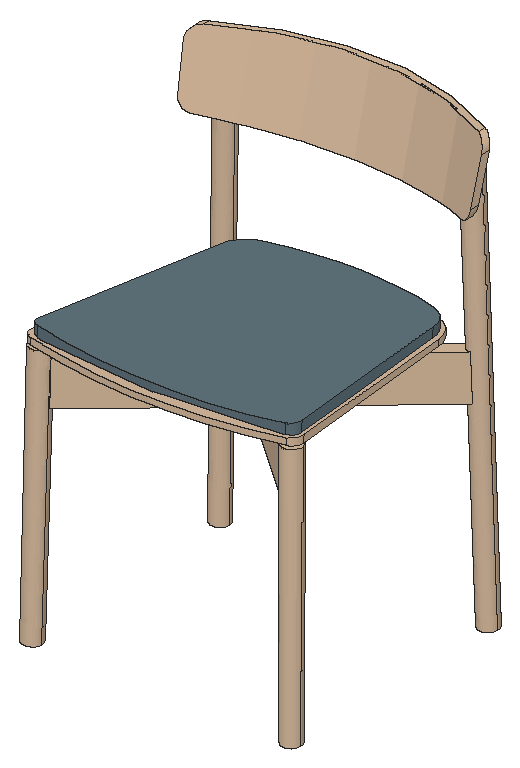
Revit family "Seating-Teknion-CQSXU_Routes_Cross_Upholstered_Chair-R2018", category Furniture, Revit 2018
Family settings
  OmniClass Number = 23.40.20.00
  OmniClass Title = General Furniture and Specialties
  Work Plane-Based = No
  Always vertical = Yes
  Cut with Voids When Loaded = No
  Shared = Yes
  Room Calculation Point = No
Parameters (values of type "Seat Only Upholstery, Light Oak Wood")
  Wood Finish = Wood - Teknion - CW - Light Oak
  Warranty = "http://www.teknion.com/ca/papers/legal-canada"
  Unit Weight URL = "http://www.teknion.com/ca/tools/assets#&asset=bee6a381-b954-425e-8283-5a2de3a804f2,f828d448-4b62-4231-9e5f-9a8991c0ed77"
  URL = "www.teknion.com"
  To render please download texture images found here [instance] = "https://assets.teknion.com/web/5e81352c1dfdb467/revit-material-swatches/"
  Sustainability Data = "https://www.teknion.com/ca/tools/assets#&topic=216f99a5-57a0-44fc-b10a-9dee9b29ae4c&asset=444deb64-fe58-4b68-981e-f75e97781df7,b4ff2d81-9f2e-437d-9659-7cffb09c31cf"
  Series = "Routes"  # constant formula
  Product Page URL = "https://www.teknion.com/ca/products/all-products"
  Product Line = "Routes"  # constant formula
  Product Documentation Link = "https://assets.teknion.com/m/72af4764f50e983c/original/Routes-Reference-Guide.pdf"
  Part Number = "CQSXU"  # constant formula
  Model = "CQSXUS__CW"
  Manufacturer Phone = "416-661-3370"  # constant formula
  Manufacturer Fax = "416.661.4586"  # constant formula
  Manufacturer Contact Information = "http://www.teknion.com/ca/contactus"
  Manufacturer Address = "1150 Flint Road, Toronto, ON. M3J 2J5. Canada"  # constant formula
  Manufacturer = "Teknion"  # constant formula
  How To Use Teknion Materials User Guide [instance] = "https://assets.teknion.com/m/205dd0a49fa58060/original/How-to-add-a-Material-Library-and-Texture-Images-to-your-Revit-project.pdf"
  For Additional Finishes please visit [instance] = "https://assets.teknion.com/m/44a8009b046e5d47/original/Teknion_Materials_Library.zip"
  Fabric Finish [instance] = Fabric - Teknion - H516 - Heather Felt - Indian Ocean
  Description = "TAKT Cross Chair Light Oak"
  Assembly Code = "E2020200"
Types (3): name | Wood Finish | Model | Description
  (no name) | Wood - Teknion - CW - Light Oak | "CQSXUS__CW" | "TAKT Cross Chair Light Oak"
  Seat Only Upholstery, Light Oak Wood | Wood - Teknion - CW - Light Oak | "CQSXUS__CW" | "TAKT Cross Chair Light Oak"
  Seat Only Upholstery, Black Wood | Wood - Teknion - CZ - Black | "CQSXUS__CZ" | "TAKT Cross Chair Black"
Reference planes (in)
  plane 1 "Center Front/Back": y = 0
  plane 2: z = 0
  plane 3 "Center Left/Right": x = 0
  plane 4 "Left": x = -10
  plane 5 "Right": x = 10
  plane 6 "Back": y = 9.5
  plane 7 "Front": y = -9.5
  plane 8 "Top": z = 63
  plane 9: through (-8.57366, 6.72968, 48) normal (0.6735, 0.7392, 0)
  plane 10: through (0, 8.2619, 16.85246) normal (0, 0.0478, 0.9989)
Forms (in)
  Revolve 1, solid, material "Wood - Teknion - CW - Light Oak" <- "Wood Finish"
    sketch origin (0, 0, 0) x (0, 1, 0) y (0, 0, 1)
      loop
        line (8.00534, 24.53515) -> (9.607, 30.51263) -> (9.17445, 30.62853) -> (7.57279, 24.65105) -> (8.00534, 24.53515)
      axis (-8.7034, 35.41888) -> (-10.30507, 29.4414)
    angle from -38.76 to 38.76
  Sweep 2, void
    path origin (0, 0, 0) x (1, 0, 0) y (0, 1, 0)
      loop
        line (0, 0) -> (0, 10)
    profile origin (0, 5, 0) x (-1, 0, 0) y (0, 0, 1)
      loop
        line (11.97356, 31.99352) -> (-11.97356, 31.99352) -> (-11.97356, 23.59654) -> (11.97356, 23.59654) -> (11.97356, 31.99352)
      loop
        arc (9.97125, 29.43628) -> (9.76631, 29.9918) -> (9.22228, 30.22553) r 0.75
        line (9.22228, 30.22553) -> (0, 30.22553) -> (-9.22228, 30.22553)
        arc (-9.22228, 30.22553) -> (-9.76631, 29.9918) -> (-9.97125, 29.43628) r 0.75
        line (-9.97125, 29.43628) -> (-9.81017, 26.36268)
        arc (-9.81017, 26.36268) -> (-9.54596, 25.73632) -> (-8.94234, 25.42361) r 1
        arc (-8.94234, 25.42361) -> (0, 24.83626) -> (8.94234, 25.42361) r 68.3668
        arc (8.94234, 25.42361) -> (9.54596, 25.73632) -> (9.81017, 26.36268) r 1
        line (9.81017, 26.36268) -> (9.97125, 29.43628)
  SweptBlend 3, solid, material "Wood - Teknion - CW - Light Oak" <- "Wood Finish"
    path origin (0, 0, 0) x (1, 0, 0) y (0, 0, 1)
      loop
        line (0, 0) -> (0, 28.74254)
    profile origin (0, 0, 0) x (-1, 0, 0) y (0, -1, 0)
      loop
        circle (8.99472, -7.61214) r 0.64
    end profile origin (0, 0, 28.74254) x (-1, 0, 0) y (0, -1, 0)
      loop
        circle (8.22025, -7.15291) r 0.68
  Revolve 4, void
    sketch origin (0, 0, 0) x (0, 1, 0) y (0, 0, 1)
      loop
        line (8.00534, 24.53515) -> (9.607, 30.51263) -> (7.19218, 31.15967) -> (5.59052, 25.18219) -> (8.00534, 24.53515)
      axis (-8.7034, 35.41888) -> (-10.30507, 29.4414)
    angle from -38.76 to 38.76
  SweptBlend 5, solid, material "Wood - Teknion - CW - Light Oak" <- "Wood Finish"
    path origin (0, 0, 0) x (-1, 0, 0) y (0, 0, 1)
      loop
        line (0, 0) -> (0, 28.74254)
    profile origin (0, 0, 0) x (-1, 0, 0) y (0, -1, 0)
      loop
        circle (-8.99472, -7.61214) r 0.64
    end profile origin (0, 0, 28.74254) x (-1, 0, 0) y (0, -1, 0)
      loop
        circle (-8.22025, -7.15291) r 0.68
  SweptBlend 6, solid, material "Wood - Teknion - CW - Light Oak" <- "Wood Finish"
    path origin (0, 0, 0) x (1, 0, 0) y (0, 0, 1)
      loop
        line (0, 0) -> (0, 17.69726)
    profile origin (0, 0, 0) x (-1, 0, 0) y (0, -1, 0)
      loop
        circle (8.68535, 8.50315) r 0.64
    end profile origin (0, 0, 17.69726) x (-1, 0, 0) y (0, -1, 0)
      loop
        circle (8.43429, 8.13934) r 0.69
  SweptBlend 7, solid, material "Wood - Teknion - CW - Light Oak" <- "Wood Finish"
    path origin (0, 0, 0) x (-1, 0, 0) y (0, 0, 1)
      loop
        line (0, 0) -> (0, 17.69726)
    profile origin (0, 0, 0) x (-1, 0, 0) y (0, -1, 0)
      loop
        circle (-8.68535, 8.50315) r 0.64
    end profile origin (0, 0, 17.69726) x (-1, 0, 0) y (0, -1, 0)
      loop
        circle (-8.43429, 8.13934) r 0.69
  Sweep 8, solid, material "Wood - Teknion - CW - Light Oak" <- "Wood Finish"
    path origin (0, 0, 0) x (1, 0, 0) y (0, 1, 0)
      loop
        line (-2.23407, 0.953) -> (-1.62119, 1.62561)
    profile origin (-1.92763, 1.28931, 0) x (-0.739161, 0.673528, 0) y (0, 0, 1)
      loop
        line (9.05632, 16.67818) -> (5.53982, 16.7701)
        arc (5.53982, 16.7701) -> (5.26783, 16.88276) -> (5.15517, 17.15475) r 0.38464
        line (5.15517, 17.15475) -> (-11.71534, 17.57185)
        arc (-11.71534, 17.57185) -> (-11.82256, 17.31301) -> (-12.0814, 17.20579) r 0.36606
        line (-12.0814, 17.20579) -> (-13.96445, 17.25235) -> (-14.05364, 14.1246) -> (9.16121, 13.55064) -> (9.05632, 16.67818)
  Sweep 9, solid, material "Wood - Teknion - CW - Light Oak" <- "Wood Finish"
    path origin (0, 0, 0) x (-1, 0, 0) y (0, 1, 0)
      loop
        line (-2.23407, 0.953) -> (-1.62119, 1.62561)
    profile origin (1.92763, 1.28931, 0) x (-0.739161, -0.673528, 0) y (0, 0, 1)
      loop
        line (-9.05632, 16.67818) -> (-9.16121, 13.55064) -> (14.05364, 14.1246) -> (13.96445, 17.25235) -> (12.0814, 17.20579)
        arc (12.0814, 17.20579) -> (11.82256, 17.31301) -> (11.71534, 17.57185) r 0.36606
        line (11.71534, 17.57185) -> (-5.15517, 17.15475)
        arc (-5.15517, 17.15475) -> (-5.26783, 16.88276) -> (-5.53982, 16.7701) r 0.38464
        line (-5.53982, 16.7701) -> (-9.05632, 16.67818)
  Revolve 10, solid, material "Wood - Teknion - CW - Light Oak" <- "Wood Finish"
    sketch origin (0, 0, 0) x (0, 1, 0) y (0, 0, 1)
      loop
        line (9.06979, 16.81379) -> (9.09108, 17.25866) -> (-10.38662, 18.19088) -> (-10.40791, 17.74602) -> (9.06979, 16.81379)
      axis (15.784, 157.09858) -> (-3.69371, 158.03081)
    angle from -5 to 5
  Sweep 11, void
    path origin (0, 0, 0) x (1, 0, 0) y (0, 0, 1)
      loop
        line (0, 15) -> (0, 21)
    profile origin (0, 0, 18) x (-1, 0, 0) y (0, -1, 0)
      loop
        line (7.35414, -5.49255) -> (9.10521, 8.01451)
        arc (9.10521, 8.01451) -> (8.97566, 8.51787) -> (8.53452, 8.79275) r 0.6992
        arc (8.53452, 8.79275) -> (0, 9.54749) -> (-8.53452, 8.79275) r 48.63093
        arc (-8.53452, 8.79275) -> (-8.97566, 8.51787) -> (-9.10521, 8.01451) r 0.6992
        line (-9.10521, 8.01451) -> (-7.35414, -5.49255)
        arc (-7.35414, -5.49255) -> (-6.83407, -6.70208) -> (-5.75521, -7.45674) r 2.40583
        arc (-5.75521, -7.45674) -> (0, -8.42461) -> (5.75521, -7.45674) r 17.59494
        arc (5.75521, -7.45674) -> (6.83407, -6.70208) -> (7.35414, -5.49255) r 2.40583
      loop
        line (14, -9.5) -> (14, 11) -> (-14, 11) -> (-14, -9.5) -> (14, -9.5)
  Revolve 12, solid, material "Fabric - Teknion - H516 - Heather Felt - Indian Ocean" <- "Fabric Finish"
    sketch origin (0, 0, 0) x (0, 1, 0) y (0, 0, 1)
      loop
        line (9.12402, 17.94684) -> (-10.35368, 18.87907) -> (-10.38662, 18.19088) -> (9.09108, 17.25866) -> (9.12402, 17.94684)
      axis (15.784, 157.09858) -> (-3.69371, 158.03081)
    angle from -5 to 5
  Sweep 13, void
    path origin (0, 0, 0) x (1, 0, 0) y (0, 0, 1)
      loop
        line (0, 15) -> (0, 21)
    profile origin (0, 0, 18) x (-1, 0, 0) y (0, -1, 0)
      loop
        line (7.1261, -5.32223) -> (8.82287, 7.76599)
        arc (8.82287, 7.76599) -> (8.69734, 8.25374) -> (8.26988, 8.5201) r 0.67752
        arc (8.26988, 8.5201) -> (0, 9.25144) -> (-8.26988, 8.5201) r 47.12294
        arc (-8.26988, 8.5201) -> (-8.69734, 8.25374) -> (-8.82287, 7.76599) r 0.67752
        line (-8.82287, 7.76599) -> (-7.1261, -5.32223)
        arc (-7.1261, -5.32223) -> (-6.62215, -6.49426) -> (-5.57675, -7.22551) r 2.33123
        arc (-5.57675, -7.22551) -> (0, -8.16337) -> (5.57675, -7.22551) r 17.04934
        arc (5.57675, -7.22551) -> (6.62215, -6.49426) -> (7.1261, -5.32223) r 2.33123
      loop
        line (14, -9.5) -> (14, 11) -> (-14, 11) -> (-14, -9.5) -> (14, -9.5)
Cuts and joins
  Sweep 2 cuts Revolve 1
  Revolve 4 cuts SweptBlend 3
  Revolve 4 cuts SweptBlend 5
  joined: SweptBlend 3, SweptBlend 5, SweptBlend 6, SweptBlend 7, Sweep 8, Sweep 9
  Sweep 11 cuts Revolve 10
  Sweep 13 cuts Revolve 12
Lines and regions (in)
  Masking region 1
    outline origin (0, 0, 0) x (1, 0, 0) y (0, 1, 0)
      loop
        arc (-9.10521, -8.01451) -> (-8.97566, -8.51787) -> (-8.53452, -8.79275) r 0.6992
        arc (-8.53452, -8.79275) -> (0, -9.54749) -> (8.53452, -8.79275) r 48.63093
        arc (8.53452, -8.79275) -> (8.97566, -8.51787) -> (9.10521, -8.01451) r 0.6992
        line (9.10521, -8.01451) -> (7.35414, 5.49255)
        arc (7.35414, 5.49255) -> (7.27176, 5.87751) -> (7.12769, 6.24389) r 2.40583
        arc (7.12769, 6.24389) -> (6.90623, 6.33093) -> (6.68371, 6.41522) r 19.18246
        arc (6.68371, 6.41522) -> (6.97515, 5.89716) -> (7.1261, 5.32223) r 2.33123
        line (7.1261, 5.32223) -> (8.82287, -7.76599)
        arc (8.82287, -7.76599) -> (8.69734, -8.25374) -> (8.26988, -8.5201) r 0.67752
        arc (8.26988, -8.5201) -> (0, -9.25144) -> (-8.26988, -8.5201) r 47.12294
        arc (-8.26988, -8.5201) -> (-8.69734, -8.25374) -> (-8.82287, -7.76599) r 0.67752
        line (-8.82287, -7.76599) -> (-7.1261, 5.32223)
        arc (-7.1261, 5.32223) -> (-6.97515, 5.89716) -> (-6.68371, 6.41522) r 2.33123
        arc (-6.68371, 6.41522) -> (-6.90623, 6.33093) -> (-7.12769, 6.24389) r 19.18246
        arc (-7.12769, 6.24389) -> (-7.27176, 5.87751) -> (-7.35414, 5.49255) r 2.40583
        line (-7.35414, 5.49255) -> (-9.10521, -8.01451)
  Masking region 2
    outline origin (0, 0, 0) x (1, 0, 0) y (0, 1, 0)
      loop
        arc (-9.63472, 7.61214) -> (-9.53248, 7.26513) -> (-9.25843, 7.02899) r 0.64
        arc (-9.25843, 7.02899) -> (-9.07743, 7.13304) -> (-8.89527, 7.23502) r 18.39565
        arc (-8.89527, 7.23502) -> (-8.53717, 7.75454) -> (-7.90619, 7.75604) r 0.68
        line (-7.90619, 7.75604) -> (-8.69306, 8.17658)
        arc (-8.69306, 8.17658) -> (-9.32376, 8.16107) -> (-9.63472, 7.61214) r 0.64
      loop
        arc (9.63472, 7.61214) -> (9.32376, 8.16107) -> (8.69306, 8.17658) r 0.64
        line (8.69306, 8.17658) -> (7.90619, 7.75604)
        arc (7.90619, 7.75604) -> (8.53717, 7.75454) -> (8.89527, 7.23502) r 0.68
        arc (8.89527, 7.23502) -> (9.07743, 7.13304) -> (9.25843, 7.02899) r 18.39565
        arc (9.25843, 7.02899) -> (9.53248, 7.26513) -> (9.63472, 7.61214) r 0.64
  Masking region 3
    outline origin (0, 0, 0) x (1, 0, 0) y (0, 1, 0)
      loop
        arc (-8.89527, 7.23502) -> (-8.39822, 7.49976) -> (-7.89331, 7.74916) r 18.39565
        arc (-7.89331, 7.74916) -> (-8.53069, 7.75791) -> (-8.89527, 7.23502) r 0.68
      loop
        arc (8.89527, 7.23502) -> (8.53069, 7.75791) -> (7.89331, 7.74916) r 0.68
        arc (7.89331, 7.74916) -> (8.39822, 7.49976) -> (8.89527, 7.23502) r 18.39565
  Masking region 4
    outline origin (0, 0, 0) x (1, 0, 0) y (0, 1, 0)
      loop
        spline (-8.94234, 5.39495) -> (-7.55064, 6.06738) -> (-6.10555, 6.62304) -> (-4.61731, 7.05841) -> (-3.09649, 7.37115) -> (-1.5538, 7.55951) -> (-0.00014, 7.62242) -> (1.55352, 7.55953) -> (3.09621, 7.37117) -> (4.61707, 7.05846) -> (6.10533, 6.6231) -> (7.5505, 6.06754) -> (8.94234, 5.39495)
        spline (8.94234, 5.39495) -> (9.04797, 5.33938) -> (9.15137, 5.28734) -> (9.25278, 5.23874) -> (9.35073, 5.19457) -> (9.44338, 5.15605) -> (9.5291, 5.12411) -> (9.60623, 5.09993) -> (9.67311, 5.08425) -> (9.72775, 5.07824) -> (9.76949, 5.0818) -> (9.79689, 5.09517) -> (9.81017, 5.11841)
        line (9.81017, 5.11841) -> (9.97125, 5.83655)
        spline (9.97125, 5.83655) -> (9.96825, 5.86863) -> (9.95038, 5.90896) -> (9.91748, 5.9576) -> (9.8726, 6.01173) -> (9.81669, 6.07043) -> (9.75154, 6.1322) -> (9.67827, 6.19605) -> (9.59794, 6.26108) -> (9.51165, 6.32629) -> (9.42049, 6.39074) -> (9.32515, 6.45377) -> (9.22594, 6.51507)
        arc (9.22594, 6.51507) -> (0, 9.06496) -> (-9.22594, 6.51507) r 17.9654
        spline (-9.22594, 6.51507) -> (-9.3248, 6.45403) -> (-9.42003, 6.39108) -> (-9.51148, 6.32641) -> (-9.59788, 6.26112) -> (-9.67813, 6.19617) -> (-9.75137, 6.13235) -> (-9.81662, 6.07051) -> (-9.87263, 6.01173) -> (-9.91742, 5.95768) -> (-9.95039, 5.90898) -> (-9.9682, 5.8687) -> (-9.97125, 5.83655)
        line (-9.97125, 5.83655) -> (-9.81017, 5.11841)
        spline (-9.81017, 5.11841) -> (-9.79689, 5.09517) -> (-9.76949, 5.0818) -> (-9.72775, 5.07824) -> (-9.67311, 5.08425) -> (-9.60623, 5.09993) -> (-9.5291, 5.12411) -> (-9.44338, 5.15605) -> (-9.35073, 5.19457) -> (-9.25278, 5.23874) -> (-9.15137, 5.28734) -> (-9.04797, 5.33938) -> (-8.94234, 5.39495)
  Masking region 5
    outline origin (0, 0, 0) x (1, 0, 0) y (0, 1, 0)
      loop
        arc (-9.22594, 6.51507) -> (0, 9.06496) -> (9.22594, 6.51507) r 17.9654
        spline (9.22594, 6.51507) -> (9.32527, 6.45366) -> (9.42066, 6.39059) -> (9.5117, 6.32625) -> (9.59789, 6.26112) -> (9.67826, 6.19607) -> (9.75154, 6.13221) -> (9.81672, 6.07041) -> (9.87252, 6.01179) -> (9.91761, 5.9575) -> (9.95033, 5.909) -> (9.96827, 5.86862) -> (9.97125, 5.83655)
        line (9.97125, 5.83655) -> (9.97645, 6.38149)
        spline (9.97645, 6.38149) -> (9.96817, 6.41841) -> (9.94824, 6.46094) -> (9.91695, 6.5085) -> (9.87472, 6.56044) -> (9.82214, 6.61604) -> (9.75993, 6.67453) -> (9.68895, 6.7351) -> (9.61019, 6.79691) -> (9.52474, 6.85911) -> (9.43377, 6.92084) -> (9.33854, 6.98125) -> (9.24037, 7.03949)
        arc (9.24037, 7.03949) -> (0.01272, 9.52868) -> (-9.21837, 7.05225) r 18.39565
        spline (-9.21837, 7.05225) -> (-9.31749, 6.99126) -> (-9.41406, 6.92822) -> (-9.50669, 6.86402) -> (-9.59405, 6.79959) -> (-9.67488, 6.73585) -> (-9.74804, 6.67371) -> (-9.81247, 6.61408) -> (-9.86724, 6.55779) -> (-9.91158, 6.50566) -> (-9.94484, 6.45844) -> (-9.96655, 6.4168) -> (-9.97639, 6.38134)
        line (-9.97639, 6.38134) -> (-9.97125, 5.83655)
        spline (-9.97125, 5.83655) -> (-9.96821, 5.86869) -> (-9.95028, 5.90908) -> (-9.91759, 5.95753) -> (-9.87226, 6.01204) -> (-9.8165, 6.07061) -> (-9.75146, 6.13228) -> (-9.67822, 6.19611) -> (-9.59782, 6.26117) -> (-9.51137, 6.3265) -> (-9.42006, 6.39105) -> (-9.32483, 6.45399) -> (-9.22594, 6.51507)
  Masking region 6
    outline origin (0, 0, 0) x (1, 0, 0) y (0, 1, 0)
      loop
        arc (-8.15347, -8.85911) -> (-8.25363, -8.84197) -> (-8.35375, -8.82462) r 48.63093
        arc (-8.35375, -8.82462) -> (-8.89283, -8.65493) -> (-9.12429, -8.13934) r 0.69
        arc (-9.12429, -8.13934) -> (-9.1172, -8.04069) -> (-9.09608, -7.94408) r 0.69
        line (-9.09608, -7.94408) -> (-9.09096, -7.90457) -> (-9.24968, -8.20127)
        arc (-9.24968, -8.20127) -> (-9.30614, -8.34754) -> (-9.32535, -8.50315) r 0.64
        arc (-9.32535, -8.50315) -> (-8.87136, -9.11553) -> (-8.15347, -8.85911) r 0.64
      loop
        arc (8.15347, -8.85911) -> (8.87136, -9.11553) -> (9.32535, -8.50315) r 0.64
        arc (9.32535, -8.50315) -> (9.30614, -8.34754) -> (9.24968, -8.20127) r 0.64
        line (9.24968, -8.20127) -> (9.09096, -7.90457) -> (9.09608, -7.94408)
        arc (9.09608, -7.94408) -> (9.1172, -8.04069) -> (9.12429, -8.13934) r 0.69
        arc (9.12429, -8.13934) -> (8.89283, -8.65493) -> (8.35375, -8.82462) r 0.69
        arc (8.35375, -8.82462) -> (8.25363, -8.84197) -> (8.15347, -8.85911) r 48.63093
  Masking region 7
    outline origin (0, 0, 0) x (1, 0, 0) y (0, 1, 0)
      loop
        line (-7.74903, 5.97827) -> (-7.33721, 5.60301)
        arc (-7.33721, 5.60301) -> (-7.25548, 5.92939) -> (-7.12902, 6.24117) r 2.40583
        arc (-7.12902, 6.24117) -> (-7.44019, 6.11246) -> (-7.74903, 5.97827) r 19.05883
      loop
        arc (7.74903, 5.97827) -> (7.44019, 6.11246) -> (7.12902, 6.24117) r 19.05883
        arc (7.12902, 6.24117) -> (7.25548, 5.92939) -> (7.33721, 5.60301) r 2.40583
        line (7.33721, 5.60301) -> (7.74903, 5.97827)
  Masking region 8
    outline origin (0, 0, 0) x (1, 0, 0) y (0, 1, 0)
      loop
        arc (-8.35375, -8.82462) -> (-8.44415, -8.80877) -> (-8.53452, -8.79275) r 48.63093
        arc (-8.53452, -8.79275) -> (-8.97566, -8.51787) -> (-9.10521, -8.01451) r 0.6992
        line (-9.10521, -8.01451) -> (-9.09608, -7.94408)
        arc (-9.09608, -7.94408) -> (-9.1172, -8.04069) -> (-9.12429, -8.13934) r 0.69
        arc (-9.12429, -8.13934) -> (-8.89283, -8.65493) -> (-8.35375, -8.82462) r 0.69
      loop
        arc (8.35375, -8.82462) -> (8.89283, -8.65493) -> (9.12429, -8.13934) r 0.69
        arc (9.12429, -8.13934) -> (9.1172, -8.04069) -> (9.09608, -7.94408) r 0.69
        line (9.09608, -7.94408) -> (9.10521, -8.01451)
        arc (9.10521, -8.01451) -> (8.97566, -8.51787) -> (8.53452, -8.79275) r 0.6992
        arc (8.53452, -8.79275) -> (8.44415, -8.80877) -> (8.35375, -8.82462) r 48.63093
  Masking region 9
    outline origin (0, 0, 0) x (1, 0, 0) y (0, 1, 0)
      loop
        arc (-8.82287, -7.76599) -> (-8.69734, -8.25374) -> (-8.26988, -8.5201) r 0.67752
        arc (-8.26988, -8.5201) -> (0, -9.25144) -> (8.26988, -8.5201) r 47.12294
        arc (8.26988, -8.5201) -> (8.69734, -8.25374) -> (8.82287, -7.76599) r 0.67752
        line (8.82287, -7.76599) -> (7.1261, 5.32223)
        arc (7.1261, 5.32223) -> (6.97544, 5.89644) -> (6.68464, 6.41397) r 2.33123
        arc (6.68464, 6.41397) -> (0, 7.62471) -> (-6.68464, 6.41397) r 19.05883
        arc (-6.68464, 6.41397) -> (-6.97544, 5.89644) -> (-7.1261, 5.32223) r 2.33123
        line (-7.1261, 5.32223) -> (-8.82287, -7.76599)
  symbolic lines, style "FurnitureHiddenLines", detail levels fine
    curve 1: arc (-8.04535, -8.50315, 0) -> (-8.08607, -8.72779, 0) -> (-8.20305, -8.92385, 0) r 0.64
    curve 2: arc (-9.22485, -8.15886, 0) -> (-8.50602, -7.88879, 0) -> (-8.04535, -8.50315, 0) r 0.64
    curve 3: arc (8.04535, -8.50315, 0) -> (8.50602, -7.88879, 0) -> (9.22485, -8.15886, 0) r 0.64
    curve 4: arc (8.20305, -8.92385, 0) -> (8.08607, -8.72779, 0) -> (8.04535, -8.50315, 0) r 0.64
    curve 5: arc (8.35472, 7.61214, 0) -> (8.44578, 7.94118, 0) -> (8.69306, 8.17658, 0) r 0.64
    curve 6: arc (9.34697, 7.07779, 0) -> (8.69127, 7.04865, 0) -> (8.35472, 7.61214, 0) r 0.64
    curve 7: arc (-8.69306, 8.17658, 0) -> (-8.66568, 7.0632, 0) -> (-9.63472, 7.61214, 0) r 0.64
    curve 17: arc (-9.04447, -7.81719, 0) -> (-8.82128, -8.7106, 0) -> (-7.90882, -8.58653, 0) r 0.69
    curve 19: arc (7.90882, -8.58653, 0) -> (8.82128, -8.7106, 0) -> (9.04447, -7.81719, 0) r 0.69
    curve 30: line (-5.716, 5.35684, 0) -> (-6.32889, 4.68423, 0)
    curve 31: line (-5.43169, 5.09777, 0) -> (-6.04457, 4.42516, 0)
    curve 32: line (-6.69603, -7.18416, 0) -> (-7.30891, -6.51155, 0)
    curve 33: line (-6.42545, -6.93761, 0) -> (-7.03834, -6.265, 0)
    curve 34: line (7.30891, -6.51155, 0) -> (6.69603, -7.18416, 0)
    curve 35: line (7.03834, -6.265, 0) -> (6.42545, -6.93761, 0)
    curve 36: line (6.32889, 4.68423, 0) -> (5.716, 5.35684, 0)
    curve 37: line (6.04457, 4.42516, 0) -> (5.43169, 5.09777, 0)
    curve 44: arc (-5.75521, 7.45674, 0) -> (-6.83407, 6.70208, 0) -> (-7.35414, 5.49255, 0) r 2.40583
    curve 45: arc (5.75521, 7.45674, 0) -> (0, 8.42461, 0) -> (-5.75521, 7.45674, 0) r 17.59494
    curve 46: arc (7.35414, 5.49255, 0) -> (6.83407, 6.70208, 0) -> (5.75521, 7.45674, 0) r 2.40583
    curve 47: line (-9.80728, 5.64966, 0) -> (-9.97125, 6.3842, 0)
    curve 48: spline (-8.94472, 5.92256, 0) -> (-9.04585, 5.86984, 0) -> (-9.14621, 5.82068, 0) -> (-9.24429, 5.77583, 0) -> (-9.3386, 5.73597, 0) -> (-9.4277, 5.70171, 0) -> (-9.51026, 5.67355, 0) -> (-9.58502, 5.65193, 0) -> (-9.65085, 5.63718, 0) -> (-9.70676, 5.62952, 0) -> (-9.75189, 5.62905, 0) -> (-9.78557, 5.6358, 0) -> (-9.80728, 5.64966, 0)
    curve 49: line (8.94492, 5.92256, 0) -> (-8.94472, 5.92256, 0)
    curve 50: spline (9.80711, 5.64892, 0) -> (9.78452, 5.63251, 0) -> (9.75009, 5.62364, 0) -> (9.70434, 5.62243, 0) -> (9.64798, 5.62892, 0) -> (9.58186, 5.64299, 0) -> (9.507, 5.66443, 0) -> (9.42452, 5.69293, 0) -> (9.33569, 5.72803, 0) -> (9.24186, 5.76922, 0) -> (9.14446, 5.81585, 0) -> (9.04498, 5.86723, 0) -> (8.94492, 5.92256, 0)
    curve 51: line (9.97125, 6.3842, 0) -> (9.80711, 5.64892, 0)
    curve 52: arc (-5.57675, 7.22551, 0) -> (-6.62215, 6.49426, 0) -> (-7.1261, 5.32223, 0) r 2.33123
    curve 53: arc (5.57675, 7.22551, 0) -> (0, 8.16337, 0) -> (-5.57675, 7.22551, 0) r 17.04934
    curve 54: arc (7.1261, 5.32223, 0) -> (6.62215, 6.49426, 0) -> (5.57675, 7.22551, 0) r 2.33123
  symbolic lines, style "FurnitureHiddenLines", detail levels medium+fine
    curve 8: line (8.43231, -7.5352, 0) -> (-7.97053, 7.41117, 0)
    curve 9: line (7.80549, -8.19511, 0) -> (-8.58297, 6.73817, 0)
    curve 10: line (7.97053, 7.41117, 0) -> (-8.43231, -7.5352, 0)
    curve 11: line (8.58297, 6.73817, 0) -> (-7.80549, -8.19511, 0)
    curve 12: spline (-7.97053, 7.41117, 0) -> (-7.97379, 7.32758, 0) -> (-7.98764, 7.24508, 0) -> (-8.01183, 7.16499, 0) -> (-8.04598, 7.08862, 0) -> (-8.08954, 7.01719, 0) -> (-8.1418, 6.95187, 0) -> (-8.20193, 6.89369, 0) -> (-8.26895, 6.84361, 0) -> (-8.34177, 6.80243, 0) -> (-8.41923, 6.77081, 0) -> (-8.50006, 6.74928, 0) -> (-8.58297, 6.73817, 0)
    curve 13: spline (7.97053, 7.41117, 0) -> (7.97379, 7.32758, 0) -> (7.98764, 7.24508, 0) -> (8.01183, 7.16499, 0) -> (8.04598, 7.08862, 0) -> (8.08954, 7.01719, 0) -> (8.1418, 6.95187, 0) -> (8.20193, 6.89369, 0) -> (8.26895, 6.84361, 0) -> (8.34177, 6.80243, 0) -> (8.41923, 6.77081, 0) -> (8.50006, 6.74928, 0) -> (8.58297, 6.73817, 0)
    curve 14: spline (-8.43231, -7.5352, 0) -> (-8.35008, -7.54672, 0) -> (-8.26987, -7.56818, 0) -> (-8.19287, -7.59926, 0) -> (-8.12023, -7.63949, 0) -> (-8.05303, -7.68827, 0) -> (-7.99227, -7.74488, 0) -> (-7.93887, -7.80846, 0) -> (-7.8936, -7.87808, 0) -> (-7.85716, -7.9527, 0) -> (-7.83009, -8.03119, 0) -> (-7.81278, -8.1124, 0) -> (-7.80549, -8.19511, 0)
    curve 15: spline (7.80549, -8.19511, 0) -> (7.81278, -8.1124, 0) -> (7.83009, -8.03119, 0) -> (7.85716, -7.9527, 0) -> (7.8936, -7.87808, 0) -> (7.93887, -7.80846, 0) -> (7.99227, -7.74488, 0) -> (8.05303, -7.68827, 0) -> (8.12023, -7.63949, 0) -> (8.19287, -7.59926, 0) -> (8.26987, -7.56818, 0) -> (8.35008, -7.54672, 0) -> (8.43231, -7.5352, 0)
    curve 16: arc (-7.90882, -8.58653, 0) -> (-8.04729, -7.56808, 0) -> (-9.04447, -7.81719, 0) r 0.69
    curve 18: arc (9.04447, -7.81719, 0) -> (8.04729, -7.56808, 0) -> (7.90882, -8.58653, 0) r 0.69
    curve 20: line (7.57468, 7.17232, 0) -> (8.8382, 6.86912, 0)
    curve 21: arc (8.90025, 7.15291, 0) -> (8.38708, 7.81213, 0) -> (7.62211, 7.47638, 0) r 0.68
    curve 22: spline (7.62211, 7.47638, 0) -> (7.61228, 7.45363, 0) -> (7.60352, 7.43041, 0) -> (7.59583, 7.40671, 0) -> (7.58921, 7.38253, 0) -> (7.58365, 7.35787, 0) -> (7.57916, 7.33275, 0) -> (7.57574, 7.30716, 0) -> (7.57338, 7.28111, 0) -> (7.5721, 7.2546, 0) -> (7.57189, 7.22762, 0) -> (7.57275, 7.2002, 0) -> (7.57468, 7.17232, 0)
    curve 23: arc (8.8382, 6.86912, 0) -> (8.88455, 7.00766, 0) -> (8.90025, 7.15291, 0) r 0.68
    curve 24: arc (-7.62211, 7.47638, 0) -> (-7.73802, 7.63234, 0) -> (-7.89331, 7.74916, 0) r 0.68
    curve 25: line (-8.8382, 6.86912, 0) -> (-7.57468, 7.17232, 0)
    curve 26: arc (-8.89527, 7.23502, 0) -> (-8.89212, 7.04811, 0) -> (-8.8382, 6.86912, 0) r 0.68
    curve 27: spline (-7.57468, 7.17232, 0) -> (-7.57274, 7.20018, 0) -> (-7.57188, 7.2276, 0) -> (-7.57208, 7.25456, 0) -> (-7.57336, 7.28106, 0) -> (-7.57571, 7.30711, 0) -> (-7.57913, 7.3327, 0) -> (-7.58362, 7.35783, 0) -> (-7.58918, 7.38248, 0) -> (-7.59581, 7.40667, 0) -> (-7.60351, 7.43038, 0) -> (-7.61228, 7.45362, 0) -> (-7.62211, 7.47638, 0)
    curve 28: arc (-7.62211, 7.47638, 0) -> (-8.23568, 7.18381, 0) -> (-8.8382, 6.86912, 0) r 18.68409
    curve 29: arc (8.8382, 6.86912, 0) -> (8.23568, 7.18381, 0) -> (7.62211, 7.47638, 0) r 18.68409
    curve 38: line (-8.66258, 6.62664, 0) -> (-9.34697, 7.07779, 0)
    curve 39: line (8.66258, 6.62664, 0) -> (9.34697, 7.07779, 0)
    curve 40: line (7.90882, -8.58653, 0) -> (8.20305, -8.92385, 0)
    curve 41: line (9.22485, -8.15886, 0) -> (9.04447, -7.81719, 0)
    curve 42: line (-7.90882, -8.58653, 0) -> (-8.20305, -8.92385, 0)
    curve 43: line (-9.22485, -8.15886, 0) -> (-9.04447, -7.81719, 0)
Dimensions and locks (in)
  plane 4 "Left" to plane 5 "Right" = 20.000"
  plane 6 "Back" to plane 7 "Front" = 19.000"
  plane 8 "Top" to level = 63.000"
  equal spacing: plane 4 "Left", plane 3 "Center Left/Right", plane 5 "Right"
  equal spacing: plane 6 "Back", plane 1 "Center Front/Back", plane 7 "Front"
  plane 3 "Center Left/Right" to Sweep 11 sketch curve = 14.000"
  Sweep 11 sketch curve to plane 3 "Center Left/Right" = 14.000"
  Sweep 11 sketch curve to plane 1 "Center Front/Back" = 11.000"
  plane 1 "Center Front/Back" to Sweep 11 sketch curve = 9.500"
  aligned and locked: level to plane 2
Automatic sketch dimensions
  Revolve 1 sketch curve to plane 6 "Back" = 1.92721"
  Revolve 1 sketch curve to Revolve 1 sketch curve = 0.43255"
  Revolve 1 sketch curve to plane 6 "Back" = 0.32555"
  level to Revolve 1 sketch curve = 24.53515"
  Revolve 1 sketch curve to Revolve 1 sketch curve = 0.1159"
  Revolve 1 sketch curve to plane 7 "Front" = 0.51892"
  plane 7 "Front" to Revolve 1 sketch curve = 0.77517"
  Revolve 1 sketch curve to Revolve 1 sketch curve = 4.90191"
  Revolve 1 sketch curve to Revolve 1 sketch curve = 4.82963"
  Sweep 2 sketch curve to plane 3 "Center Left/Right" = 0.000"
  plane 1 "Center Front/Back" to Sweep 2 sketch curve = 0.000"
  plane 6 "Back" to Sweep 2 sketch curve = 0.500"
  Sweep 2 sketch curve to profile plane = 0.000"  (x2)
  profile plane to Sweep 2 sketch curve = 8.81154"
  Sweep 2 sketch curve to Sweep 2 sketch curve = 0.41074"  (x2)
  Sweep 2 sketch curve to Sweep 2 sketch curve = 0.99863"  (x2)
  Sweep 2 sketch curve to Sweep 2 sketch curve = 0.74897"  (x2)
  Sweep 2 sketch curve to Sweep 2 sketch curve = 2.16338"
  Sweep 2 sketch curve to profile plane = 8.81154"
  Sweep 2 sketch curve to Sweep 2 sketch curve = 2.0023"
  level to Sweep 2 sketch curve = 23.59654"
  Sweep 2 sketch curve to Sweep 2 sketch curve = 2.76615"  (x2)
  Sweep 2 sketch curve to Sweep 2 sketch curve = 0.05234"  (x2)
  Sweep 2 sketch curve to Sweep 2 sketch curve = 3.07359"  (x2)
  Sweep 2 sketch curve to Sweep 2 sketch curve = 0.03925"
  Sweep 2 sketch curve to Sweep 2 sketch curve = 2.55724"
  Sweep 2 sketch curve to Sweep 2 sketch curve = 61.20955"
  Sweep 2 sketch curve to Sweep 2 sketch curve = 0.000"
  SweptBlend 3 sketch curve to plane 3 "Center Left/Right" = 0.000"
  SweptBlend 3 sketch curve to level = 0.000"
  SweptBlend 3 sketch curve to SweptBlend 3 sketch curve = 28.74254"
  SweptBlend 3 sketch curve to profile plane = 8.99472"
  SweptBlend 3 sketch curve to plane 1 "Center Front/Back" = 7.61214"
  SweptBlend 3 sketch curve to profile plane = 8.22025"
  SweptBlend 3 sketch curve to plane 1 "Center Front/Back" = 7.15291"
  Revolve 4 sketch curve to plane 6 "Back" = 3.90948"
  Revolve 4 sketch curve to plane 6 "Back" = 2.30782"
  Revolve 4 sketch curve to plane 6 "Back" = 1.49466"
  level to Revolve 4 sketch curve = 24.53515"
  Revolve 4 sketch curve to Revolve 4 sketch curve = 0.64705"
  Revolve 4 sketch curve to plane 7 "Front" = 0.51892"
  plane 7 "Front" to Revolve 4 sketch curve = 0.77517"
  Revolve 4 sketch curve to Revolve 4 sketch curve = 4.37077"
  Revolve 4 sketch curve to Revolve 4 sketch curve = 4.82963"
  SweptBlend 5 sketch curve to plane 3 "Center Left/Right" = 0.000"
  SweptBlend 5 sketch curve to level = 0.000"
  SweptBlend 5 sketch curve to SweptBlend 5 sketch curve = 28.74254"
  profile plane to SweptBlend 5 sketch curve = 8.99472"
  SweptBlend 5 sketch curve to plane 1 "Center Front/Back" = 7.61214"
  profile plane to SweptBlend 5 sketch curve = 8.22025"
  SweptBlend 5 sketch curve to plane 1 "Center Front/Back" = 7.15291"
  SweptBlend 6 sketch curve to plane 3 "Center Left/Right" = 0.000"
  SweptBlend 6 sketch curve to level = 0.000"
  SweptBlend 6 sketch curve to SweptBlend 6 sketch curve = 17.69726"
  SweptBlend 6 sketch curve to profile plane = 8.68535"
  plane 1 "Center Front/Back" to SweptBlend 6 sketch curve = 8.50315"
  SweptBlend 6 sketch curve to profile plane = 8.43429"
  plane 1 "Center Front/Back" to SweptBlend 6 sketch curve = 8.13934"
  SweptBlend 7 sketch curve to plane 3 "Center Left/Right" = 0.000"
  SweptBlend 7 sketch curve to level = 0.000"
  SweptBlend 7 sketch curve to SweptBlend 7 sketch curve = 17.69726"
  profile plane to SweptBlend 7 sketch curve = 8.68535"
  plane 1 "Center Front/Back" to SweptBlend 7 sketch curve = 8.50315"
  profile plane to SweptBlend 7 sketch curve = 8.43429"
  plane 1 "Center Front/Back" to SweptBlend 7 sketch curve = 8.13934"
  Sweep 8 sketch curve to plane 9 = 0.000"
  Sweep 8 sketch curve to plane 1 "Center Front/Back" = 0.953"
  Sweep 8 sketch curve to Sweep 8 sketch curve = 0.61288"
  Sweep 8 sketch curve to Sweep 8 sketch curve = 0.67261"
  profile plane to Sweep 8 sketch curve = 14.05364"
  Sweep 8 sketch curve to Sweep 8 sketch curve = 0.08919"
  Sweep 8 sketch curve to Sweep 8 sketch curve = 1.88305"
  Sweep 8 sketch curve to Sweep 8 sketch curve = 0.36606"
  Sweep 8 sketch curve to profile plane = 5.15517"
  Sweep 8 sketch curve to Sweep 8 sketch curve = 0.38464"
  Sweep 8 sketch curve to Sweep 8 sketch curve = 3.5165"
  Sweep 8 sketch curve to Sweep 8 sketch curve = 0.10489"
  level to Sweep 8 sketch curve = 13.55064"
  level to Sweep 8 sketch curve = 14.1246"
  Sweep 8 sketch curve to Sweep 8 sketch curve = 3.12754"
  Sweep 8 sketch curve to Sweep 8 sketch curve = 0.09193"
  Sweep 8 sketch curve to Sweep 8 sketch curve = 3.08119"
  Sweep 8 sketch curve to Sweep 8 sketch curve = 0.04656"
  plane 1 "Center Front/Back" to Sweep 9 sketch curve = 0.953"
  Sweep 9 sketch curve to plane 3 "Center Left/Right" = 2.23407"
  Sweep 9 sketch curve to Sweep 9 sketch curve = 0.61288"
  Sweep 9 sketch curve to Sweep 9 sketch curve = 0.67261"
  profile plane to Sweep 9 sketch curve = 9.16121"
  Sweep 9 sketch curve to Sweep 9 sketch curve = 0.10489"
  Sweep 9 sketch curve to Sweep 9 sketch curve = 3.5165"
  Sweep 9 sketch curve to Sweep 9 sketch curve = 0.38464"
  Sweep 9 sketch curve to profile plane = 11.71534"
  Sweep 9 sketch curve to Sweep 9 sketch curve = 0.36606"
  Sweep 9 sketch curve to Sweep 9 sketch curve = 1.88305"
  Sweep 9 sketch curve to Sweep 9 sketch curve = 0.08919"
  level to Sweep 9 sketch curve = 13.55064"
  level to Sweep 9 sketch curve = 14.1246"
  Sweep 9 sketch curve to Sweep 9 sketch curve = 3.12754"
  Sweep 9 sketch curve to Sweep 9 sketch curve = 0.09193"
  Sweep 9 sketch curve to Sweep 9 sketch curve = 3.08119"
  Sweep 9 sketch curve to Sweep 9 sketch curve = 0.04656"
  Revolve 10 sketch curve to plane 10 = 0.000"  (x2)
  plane 7 "Front" to Revolve 10 sketch curve = 0.90791"
  Revolve 10 sketch curve to Revolve 10 sketch curve = 0.02129"
  Revolve 10 sketch curve to plane 6 "Back" = 0.43021"
  Revolve 10 sketch curve to plane 7 "Front" = 0.74922"
  plane 6 "Back" to Revolve 10 sketch curve = 7.96921"
  plane 8 "Top" to Revolve 10 sketch curve = 94.01793"
  Revolve 10 sketch curve to Revolve 10 sketch curve = 1.25492"
  Sweep 11 sketch curve to plane 3 "Center Left/Right" = 0.000"
  level to Sweep 11 sketch curve = 15.000"
  Sweep 11 sketch curve to Sweep 11 sketch curve = 6.000"
  Sweep 11 sketch curve to profile plane = 0.000"  (x2)
  profile plane to Sweep 11 sketch curve = 4.96828"
  Sweep 11 sketch curve to Sweep 11 sketch curve = 2.38587"  (x2)
  Sweep 11 sketch curve to Sweep 11 sketch curve = 0.6934"  (x2)
  Sweep 11 sketch curve to Sweep 11 sketch curve = 4.89479"  (x2)
  Sweep 11 sketch curve to profile plane = 4.96828"
  Sweep 11 sketch curve to plane 1 "Center Front/Back" = 39.08344"
  Sweep 11 sketch curve to plane 1 "Center Front/Back" = 5.49255"  (x2)
  Sweep 11 sketch curve to Sweep 11 sketch curve = 0.30931"  (x2)
  plane 1 "Center Front/Back" to Sweep 11 sketch curve = 8.01451"
  Sweep 11 sketch curve to Sweep 11 sketch curve = 0.08989"  (x2)
  Sweep 11 sketch curve to Sweep 11 sketch curve = 1.06593"
  Sweep 11 sketch curve to Sweep 11 sketch curve = 2.98549"
  Sweep 11 sketch curve to Sweep 11 sketch curve = 0.000"  (x2)
  Masking region 1 sketch curve to plane 3 "Center Left/Right" = 0.000"  (x3)
  Masking region 1 sketch curve to Masking region 1 sketch curve = 2.38587"
  plane 4 "Left" to Masking region 1 sketch curve = 1.58818"
  Masking region 1 sketch curve to Masking region 1 sketch curve = 0.6934"  (x2)
  plane 5 "Right" to Masking region 1 sketch curve = 1.58818"
  plane 7 "Front" to Masking region 1 sketch curve = 2.06518"
  Masking region 1 sketch curve to plane 7 "Front" = 1.3956"  (x2)
  Masking region 1 sketch curve to Masking region 1 sketch curve = 0.08989"  (x2)
  Masking region 1 sketch curve to Masking region 1 sketch curve = 0.30931"  (x2)
  plane 6 "Back" to Masking region 1 sketch curve = 29.58344"
  Masking region 1 sketch curve to Masking region 1 sketch curve = 0.22645"  (x2)
  Masking region 1 sketch curve to Masking region 1 sketch curve = 0.000"  (x5)
  Masking region 1 sketch curve to plane 6 "Back" = 3.25611"
  Masking region 1 sketch curve to Masking region 1 sketch curve = 0.75133"
  plane 4 "Left" to Masking region 1 sketch curve = 2.64586"
  Masking region 2 sketch curve to Masking region 2 sketch curve = 0.000"  (x6)
  Masking region 2 sketch curve to plane 3 "Center Left/Right" = 0.000"
  plane 4 "Left" to Masking region 2 sketch curve = 2.09381"
  Masking region 2 sketch curve to Masking region 2 sketch curve = 0.31406"  (x2)
  Masking region 2 sketch curve to Masking region 2 sketch curve = 0.78687"  (x2)
  Masking region 2 sketch curve to Masking region 2 sketch curve = 0.30167"  (x2)
  plane 5 "Right" to Masking region 2 sketch curve = 2.09381"
  Masking region 2 sketch curve to plane 7 "Front" = 0.63303"
  Masking region 2 sketch curve to plane 6 "Back" = 2.34709"  (x2)
  Masking region 2 sketch curve to Masking region 2 sketch curve = 0.45922"  (x2)
  Masking region 2 sketch curve to Masking region 2 sketch curve = 0.60313"  (x2)
  Masking region 2 sketch curve to Masking region 2 sketch curve = 0.56444"  (x2)
  Masking region 2 sketch curve to Masking region 2 sketch curve = 0.09945"  (x2)
  Masking region 3 sketch curve to Masking region 3 sketch curve = 0.000"  (x2)
  Masking region 3 sketch curve to plane 3 "Center Left/Right" = 0.000"
  plane 4 "Left" to Masking region 3 sketch curve = 1.77975"
  plane 5 "Right" to Masking region 3 sketch curve = 1.77975"
  Masking region 3 sketch curve to plane 7 "Front" = 0.63303"
  Masking region 3 sketch curve to plane 6 "Back" = 2.34709"  (x2)
  Masking region 3 sketch curve to Masking region 3 sketch curve = 0.32694"  (x2)
  Masking region 3 sketch curve to Masking region 3 sketch curve = 0.67502"  (x2)
  plane 4 "Left" to Masking region 4 sketch curve = 1.05766"
  Masking region 4 sketch curve to plane 6 "Back" = 4.10505"
  plane 4 "Left" to Masking region 4 sketch curve = 0.18983"
  plane 5 "Right" to Masking region 4 sketch curve = 1.05766"
  Masking region 4 sketch curve to Masking region 4 sketch curve = 0.27653"
  plane 4 "Left" to Masking region 4 sketch curve = 0.02875"
  Masking region 4 sketch curve to Masking region 4 sketch curve = 0.71813"  (x2)
  plane 4 "Left" to Masking region 4 sketch curve = 0.77406"
  Masking region 4 sketch curve to Masking region 4 sketch curve = 0.67852"  (x2)
  Masking region 4 sketch curve to plane 3 "Center Left/Right" = 0.000"
  Masking region 4 sketch curve to plane 7 "Front" = 0.59956"
  plane 5 "Right" to Masking region 4 sketch curve = 0.77406"
  plane 5 "Right" to Masking region 4 sketch curve = 0.02875"
  plane 5 "Right" to Masking region 4 sketch curve = 0.18983"
  Masking region 5 sketch curve to plane 3 "Center Left/Right" = 0.000"  (x2)
  plane 4 "Left" to Masking region 5 sketch curve = 0.77406"
  plane 5 "Right" to Masking region 5 sketch curve = 0.77406"
  plane 5 "Right" to Masking region 5 sketch curve = 0.02875"
  plane 5 "Right" to Masking region 5 sketch curve = 0.02355"
  Masking region 5 sketch curve to plane 7 "Front" = 0.59956"
  Masking region 5 sketch curve to Masking region 5 sketch curve = 0.03347"
  Masking region 5 sketch curve to plane 6 "Back" = 3.66345"
  Masking region 5 sketch curve to Masking region 5 sketch curve = 0.54495"
  Masking region 5 sketch curve to Masking region 5 sketch curve = 0.13357"
  Masking region 5 sketch curve to Masking region 5 sketch curve = 0.08657"
  Masking region 5 sketch curve to Masking region 5 sketch curve = 0.079"
  plane 4 "Left" to Masking region 5 sketch curve = 0.03056"
  plane 4 "Left" to Masking region 5 sketch curve = 0.02875"
  plane 4 "Left" to Masking region 5 sketch curve = 0.02361"
  Masking region 5 sketch curve to Masking region 5 sketch curve = 0.94229"
  Masking region 5 sketch curve to Masking region 5 sketch curve = 0.10012"
  Masking region 5 sketch curve to Masking region 5 sketch curve = 0.11455"
  Masking region 5 sketch curve to Masking region 5 sketch curve = 0.67852"
  Masking region 5 sketch curve to Masking region 5 sketch curve = 0.50553"
  Masking region 5 sketch curve to Masking region 5 sketch curve = 0.03926"
  Masking region 6 sketch curve to Masking region 6 sketch curve = 0.000"  (x10)
  Masking region 6 sketch curve to plane 3 "Center Left/Right" = 0.000"
  plane 4 "Left" to Masking region 6 sketch curve = 1.56571"
  Masking region 6 sketch curve to Masking region 6 sketch curve = 0.25106"  (x2)
  Masking region 6 sketch curve to Masking region 6 sketch curve = 0.65667"  (x2)
  Masking region 6 sketch curve to Masking region 6 sketch curve = 0.00512"  (x2)
  Masking region 6 sketch curve to Masking region 6 sketch curve = 0.1536"  (x2)
  plane 5 "Right" to Masking region 6 sketch curve = 1.56571"
  Masking region 6 sketch curve to plane 7 "Front" = 0.99685"  (x2)
  Masking region 6 sketch curve to Masking region 6 sketch curve = 0.30188"  (x2)
  Masking region 6 sketch curve to Masking region 6 sketch curve = 0.36381"  (x2)
  Masking region 6 sketch curve to Masking region 6 sketch curve = 0.19526"  (x2)
  Masking region 6 sketch curve to Masking region 6 sketch curve = 0.03951"  (x2)
  plane 6 "Back" to Masking region 6 sketch curve = 29.58344"
  Masking region 6 sketch curve to Masking region 6 sketch curve = 0.53188"  (x2)
  Masking region 7 sketch curve to plane 9 = 0.000"  (x2)
  plane 4 "Left" to Masking region 7 sketch curve = 2.25097"
  Masking region 7 sketch curve to Masking region 7 sketch curve = 0.41183"  (x2)
  Masking region 7 sketch curve to Masking region 7 sketch curve = 2.36893"  (x2)
  Masking region 7 sketch curve to plane 3 "Center Left/Right" = 0.000"
  plane 3 "Center Left/Right" to Masking region 7 sketch curve = 0.000"
  plane 3 "Center Left/Right" to Masking region 7 sketch curve = 4.96828"
  Masking region 7 sketch curve to plane 6 "Back" = 4.31675"
  Masking region 7 sketch curve to Masking region 7 sketch curve = 0.41977"  (x2)
  plane 7 "Front" to Masking region 7 sketch curve = 1.93413"
  Masking region 7 sketch curve to Masking region 7 sketch curve = 0.000"
  Masking region 7 sketch curve to Masking region 7 sketch curve = 0.37526"
  Masking region 8 sketch curve to Masking region 8 sketch curve = 0.000"  (x6)
  Masking region 8 sketch curve to plane 3 "Center Left/Right" = 0.000"
  plane 4 "Left" to Masking region 8 sketch curve = 1.58818"
  Masking region 8 sketch curve to Masking region 8 sketch curve = 0.02247"  (x2)
  Masking region 8 sketch curve to Masking region 8 sketch curve = 0.66179"  (x2)
  Masking region 8 sketch curve to Masking region 8 sketch curve = 0.00913"  (x2)
  plane 5 "Right" to Masking region 8 sketch curve = 1.58818"
  Masking region 8 sketch curve to plane 7 "Front" = 1.36066"  (x2)
  Masking region 8 sketch curve to Masking region 8 sketch curve = 0.03494"  (x2)
  Masking region 8 sketch curve to Masking region 8 sketch curve = 0.12483"  (x2)
  Masking region 8 sketch curve to Masking region 8 sketch curve = 0.07043"  (x2)
  plane 6 "Back" to Masking region 8 sketch curve = 29.58344"
  Masking region 8 sketch curve to Masking region 8 sketch curve = 0.18077"  (x2)
  plane 7 "Front" to Revolve 12 sketch curve = 0.88662"
  Revolve 12 sketch curve to Revolve 12 sketch curve = 0.03294"
  Revolve 12 sketch curve to plane 6 "Back" = 0.40892"
  level to Revolve 12 sketch curve = 17.25866"
  Revolve 12 sketch curve to Revolve 12 sketch curve = 0.68818"
  Revolve 12 sketch curve to plane 7 "Front" = 0.74922"
  plane 6 "Back" to Revolve 12 sketch curve = 7.96921"
  plane 8 "Top" to Revolve 12 sketch curve = 94.01793"
  Revolve 12 sketch curve to Revolve 12 sketch curve = 1.25492"
  Sweep 13 sketch curve to plane 3 "Center Left/Right" = 0.000"
  level to Sweep 13 sketch curve = 15.000"
  Sweep 13 sketch curve to Sweep 13 sketch curve = 6.000"
  Sweep 13 sketch curve to profile plane = 0.000"  (x2)
  profile plane to Sweep 13 sketch curve = 4.81422"
  Sweep 13 sketch curve to Sweep 13 sketch curve = 2.31188"  (x2)
  profile plane to Sweep 13 sketch curve = 8.15097"
  Sweep 13 sketch curve to Sweep 13 sketch curve = 0.6719"  (x2)
  Sweep 13 sketch curve to Sweep 13 sketch curve = 5.17713"  (x2)
  Sweep 13 sketch curve to profile plane = 4.81422"
  Sweep 13 sketch curve to profile plane = 8.15097"
  Sweep 13 sketch curve to plane 1 "Center Front/Back" = 37.8715"
  Sweep 13 sketch curve to plane 1 "Center Front/Back" = 9.500"
  Sweep 13 sketch curve to plane 1 "Center Front/Back" = 5.32223"  (x2)
  Sweep 13 sketch curve to Sweep 13 sketch curve = 0.29971"  (x2)
  plane 1 "Center Front/Back" to Sweep 13 sketch curve = 7.76599"  (x2)
  Sweep 13 sketch curve to Sweep 13 sketch curve = 0.08711"  (x2)
  Sweep 13 sketch curve to Sweep 13 sketch curve = 1.03288"
  Sweep 13 sketch curve to Sweep 13 sketch curve = 3.23401"
  Sweep 13 sketch curve to Sweep 13 sketch curve = 0.000"  (x2)
  Masking region 1 sketch curve to Masking region 1 sketch curve = 0.22804"  (x2)
  Masking region 1 sketch curve to Masking region 1 sketch curve = 0.15406"  (x2)
  Masking region 1 sketch curve to Masking region 1 sketch curve = 0.16073"  (x2)
  Masking region 1 sketch curve to Masking region 1 sketch curve = 0.17032"  (x2)
  Masking region 1 sketch curve to Masking region 1 sketch curve = 0.28234"  (x2)
  Masking region 1 sketch curve to Masking region 1 sketch curve = 0.44398"  (x2)
  Masking region 1 sketch curve to Masking region 1 sketch curve = 0.24852"
  Masking region 1 sketch curve to Masking region 1 sketch curve = 0.26084"  (x2)
  Masking region 1 sketch curve to Masking region 1 sketch curve = 0.25131"
  Masking region 1 sketch curve to Masking region 1 sketch curve = 0.26465"  (x2)
  plane 4 "Left" to Masking region 9 sketch curve = 2.8739"
  Masking region 9 sketch curve to Masking region 9 sketch curve = 2.31188"
  Masking region 9 sketch curve to Masking region 9 sketch curve = 0.29971"
  plane 4 "Left" to Masking region 9 sketch curve = 1.17713"
  Masking region 9 sketch curve to Masking region 9 sketch curve = 0.44146"  (x2)
  Masking region 9 sketch curve to plane 7 "Front" = 1.73401"  (x2)
  Masking region 9 sketch curve to plane 3 "Center Left/Right" = 0.000"  (x2)
  plane 7 "Front" to Masking region 9 sketch curve = 1.93413"
  plane 5 "Right" to Masking region 9 sketch curve = 3.31536"
  Masking region 9 sketch curve to Masking region 9 sketch curve = 1.39145"
  Masking region 9 sketch curve to Masking region 9 sketch curve = 1.09174"
  plane 5 "Right" to Masking region 9 sketch curve = 1.17713"
  Masking region 9 sketch curve to Masking region 9 sketch curve = 0.6719"  (x2)
  Masking region 9 sketch curve to Masking region 9 sketch curve = 0.08711"
  Masking region 9 sketch curve to Masking region 9 sketch curve = 0.1189"
  Masking region 9 sketch curve to Masking region 9 sketch curve = 0.000"
  Masking region 9 sketch curve to Masking region 9 sketch curve = 0.55299"
  Masking region 9 sketch curve to plane 6 "Back" = 4.47748"
  curve 1 to curve 2 = 0.000"
  curve 3 to curve 4 = 0.000"
  curve 5 to curve 6 = 0.000"
  curve 16 to curve 17 = 0.000"  (x2)
  curve 18 to curve 19 = 0.000"
  curve 21 to curve 23 = 0.000"
  curve 24 to curve 26 = 0.000"  (x2)
  curve 12 to plane 9 = 0.000"
  curve 30 to plane 9 = 0.000"
  curve 53 to plane 3 "Center Left/Right" = 0.000"
  curve 45 to plane 3 "Center Left/Right" = 0.000"
  plane 7 "Front" to curve 29 = 0.0321"
  curve 29 to plane 3 "Center Left/Right" = 0.11141"
  curve 52 to plane 3 "Center Left/Right" = 4.81422"
  curve 44 to curve 52 = 0.15406"
  plane 4 "Left" to curve 25 = 2.42532"
  curve 11 to plane 7 "Front" = 1.30489"
  plane 4 "Left" to curve 11 = 2.19451"
  curve 42 to plane 7 "Front" = 0.91347"
  curve 42 to curve 14 = 0.10332"
  curve 8 to curve 27 = 0.39585"
  curve 42 to plane 7 "Front" = 0.57615"
  curve 42 to curve 16 = 0.29423"
  curve 26 to curve 12 = 0.24972"
  curve 10 to curve 11 = 0.62681"
  curve 17 to curve 14 = 0.00198"
  curve 9 to curve 24 = 0.36273"
  curve 1 to curve 17 = 0.25106"
  curve 25 to curve 12 = 0.25522"
  curve 49 to curve 12 = 0.36175"
  curve 7 to curve 26 = 0.15652"
  curve 43 to curve 14 = 0.61216"
  curve 43 to curve 16 = 0.18038"
  plane 4 "Left" to curve 47 = 0.19272"
  plane 7 "Front" to curve 28 = 0.0321"
  plane 3 "Center Left/Right" to curve 28 = 0.11141"
  plane 3 "Center Left/Right" to curve 54 = 4.81422"
  curve 54 to curve 46 = 0.15406"
  plane 5 "Right" to curve 20 = 2.42532"
  curve 9 to plane 7 "Front" = 1.30489"
  curve 40 to plane 7 "Front" = 0.91347"
  curve 9 to curve 40 = 0.10332"
  curve 20 to curve 10 = 0.39585"
  curve 40 to plane 7 "Front" = 0.57615"
  curve 19 to curve 40 = 0.29423"
  curve 13 to curve 23 = 0.24972"
  curve 15 to curve 8 = 0.62681"
  curve 8 to curve 18 = 0.00198"
  curve 21 to curve 11 = 0.36273"
  curve 18 to curve 4 = 0.25106"
  curve 13 to curve 20 = 0.25522"
  curve 13 to curve 49 = 0.36195"
  curve 20 to curve 6 = 0.15652"
  curve 8 to curve 41 = 0.61216"
  curve 41 to curve 41 = 0.18038"
  curve 29 to curve 39 = 0.50877"
  plane 5 "Right" to curve 51 = 0.19289"
  curve 45 to plane 7 "Front" = 0.32966"
  curve 45 to curve 53 = 0.28436"
  curve 1 to curve 1 = 0.4207"
  curve 4 to curve 3 = 0.4207"
  curve 1 to curve 16 = 0.36381"
  curve 3 to curve 19 = 0.36381"
  curve 18 to curve 8 = 0.60414"
  curve 16 to curve 10 = 0.60414"
  curve 54 to plane 6 "Back" = 4.47748"
  curve 52 to curve 8 = 2.38865"
  curve 52 to curve 44 = 0.16073"
  curve 54 to curve 46 = 0.16073"
  curve 47 to curve 12 = 1.0885"
  curve 51 to curve 49 = 0.27364"
  curve 49 to curve 11 = 0.8156"
  curve 12 to curve 25 = 0.13095"
  curve 13 to curve 20 = 0.13095"
  curve 29 to curve 39 = 0.20867"
  curve 24 to curve 12 = 0.25826"
  curve 23 to curve 13 = 0.25826"
  curve 25 to curve 8 = 0.23885"
  curve 20 to curve 10 = 0.23885"
  curve 21 to curve 6 = 0.45922"
  curve 26 to curve 7 = 0.74302"
  curve 31 to plane 6 "Back" = 4.40223"
  curve 25 to curve 52 = 1.99793"
  curve 53 to curve 52 = 0.000"
  curve 30 to plane 6 "Back" = 4.14316"
  curve 45 to curve 53 = 0.17846"
  curve 44 to curve 45 = 0.000"
  curve 33 to plane 7 "Front" = 2.56239"
  curve 32 to plane 7 "Front" = 2.31584"
  curve 52 to curve 30 = 0.79721"
  curve 44 to curve 52 = 0.22804"
  curve 27 to curve 27 = 0.046"
  curve 27 to curve 27 = 0.00144"
  curve 8 to curve 24 = 0.07722"
  curve 14 to curve 16 = 0.11834"
  curve 14 to curve 17 = 0.05091"
  curve 7 to curve 12 = 0.36614"
  curve 38 to curve 12 = 0.07961"
  curve 7 to curve 7 = 0.30167"
  curve 26 to curve 12 = 0.2667"
  curve 48 to curve 49 = 0.05045"
  curve 17 to curve 16 = 0.000"
  curve 12 to curve 26 = 0.2338"
  curve 38 to curve 12 = 0.27497"
  plane 4 "Left" to curve 7 = 0.36528"
  curve 48 to curve 48 = 0.00501"
  plane 4 "Left" to curve 47 = 0.02875"
  curve 27 to plane 1 "Center Front/Back" = 3.62198"
  curve 37 to plane 6 "Back" = 4.40223"
  curve 54 to curve 53 = 0.000"
  curve 36 to plane 6 "Back" = 4.14316"
  curve 46 to curve 45 = 0.000"
  curve 35 to plane 7 "Front" = 2.56239"
  curve 34 to plane 7 "Front" = 2.31584"
  curve 36 to curve 54 = 0.79721"
  curve 54 to curve 46 = 0.22804"
  curve 22 to curve 22 = 0.0466"
  curve 22 to curve 22 = 0.00083"
  curve 13 to curve 5 = 0.16957"
  curve 18 to curve 15 = 0.05091"
  curve 6 to curve 13 = 0.27386"
  curve 13 to curve 39 = 0.07961"
  curve 13 to curve 5 = 0.5079"
  curve 15 to curve 19 = 0.10123"
  curve 49 to curve 50 = 0.0626"
  curve 51 to curve 50 = 0.00425"
  plane 5 "Right" to curve 51 = 0.02875"
  curve 22 to plane 1 "Center Front/Back" = 3.59947"
  curve 50 to curve 51 = 0.7292"
  curve 48 to curve 47 = 0.72751"
  curve 39 to curve 13 = 0.11153"
  curve 38 to curve 12 = 0.11153"
  radius of SweptBlend 3 sketch curve = 0.640"
  radius of SweptBlend 3 sketch curve = 0.680"
  radius of SweptBlend 5 sketch curve = 0.640"
  radius of SweptBlend 5 sketch curve = 0.680"
  radius of SweptBlend 6 sketch curve = 0.640"
  radius of SweptBlend 6 sketch curve = 0.690"
  radius of SweptBlend 7 sketch curve = 0.640"
  radius of SweptBlend 7 sketch curve = 0.690"
